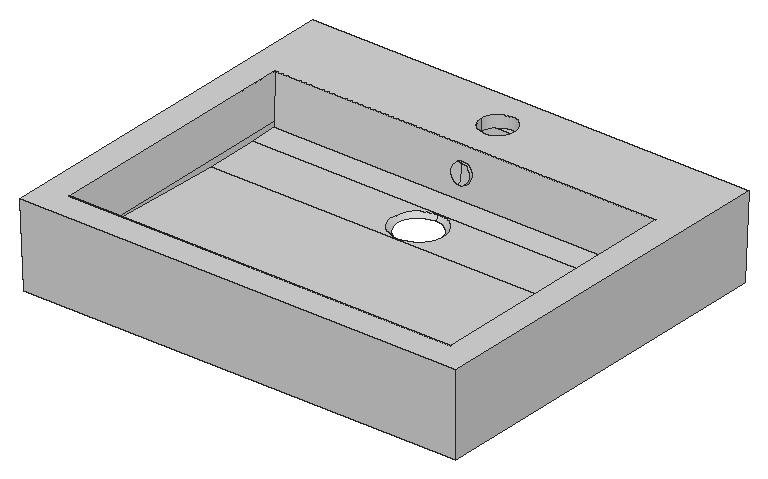
Revit family
Parameters (values of type "0621.001")
  Waste Connection = yes
  WFU = 0
  Vent Connection = no
  URL = "http://www.americanstandard-us.com"
  Type Comments = ""
  Revised Date = "07/12/2011"
  Product URL = "http://www.americanstandard.ca/productSearchSKU.aspx"
  Phone # = "416-250-5656"
  Model = "0621.001"
  Material = Vitreous China
  Manufacturer = "American Standard"
  HWFU = 0
  HW Connection = yes
  Designed By = "ATS BIM Team"
  Description = "'STUDIO' Basin,center hole only, 23-1/8\" (565mm) x 18-1/2\" (470mm) x 4-1/8\" (105mm) high, contemporary rectangular sink vessel, above-counter mounted, vitreous china, rear overflow. (Provide sealant under unit)."
  Default Elevation = 2' - 10"
  Cost = 0
  CWFU = 0
  CW Connection = yes
  Assembly Code = "D2010440"
Reference planes (in)
  plane 1: y = 0
  plane 2: z = 0
  plane 3: x = 0
  plane 4: x = 11
Forms (in)
  Sweep 1, solid, material "Vitreous China" <- "Material"
    path origin (3.30333, 0, -11.81871) x (1, 0, 0) y (0, 1, 0)
      loop
        line (-3.291, -16.22166) -> (7.59483, -16.22166) -> (7.59483, 1.987) -> (-14.17683, 1.987) -> (-14.17683, -16.22166) -> (-3.291, -16.22166)
    profile origin (10.89815, -7.11733, -11.81871) x (1, 0, 0) y (0, 0, 1)
      loop
        line (0, 7.68314) -> (0.10185, 11.81871) -> (-1.26821, 11.81871) -> (-1.45505, 9.68314) -> (-1.45505, 7.68314) -> (0, 7.68314)
  Extrusion 2, solid, material "Vitreous China" <- "Material"
    sketch origin (11, 2.08885, 36.18129) x (0, 1, 0) y (0, 0, 1)
      loop
        line (-0.10185, -40.31686) -> (0, -36.18129) -> (-4.08885, -36.18129) -> (-4.40176, -38.53835) -> (-5.73271, -38.58483) -> (-8.33363, -38.58483) -> (-16.67783, -38.29344) -> (-17.0321, -36.18129) -> (-16.82759, -38.65382) -> (-9.4846, -38.79117) -> (-3.9846, -38.79117) -> (-3.71804, -36.78322) -> (-1.03778, -36.74673) -> (-0.73177, -40.31686) -> (-0.10185, -40.31686)
    from -20.60529 to -1.37006
  Revolve 3, solid, material "Vitreous China" <- "Material"
    sketch origin (0, 2.08885, 36.18129) x (0, 1, 0) y (0, 0, 1)
      loop
        line (-3.78117, -37.25881) -> (-4.26048, -37.19518) -> (-4.21786, -36.87413) -> (-4.3431, -36.86096) -> (-4.394, -37.34517) -> (-3.80305, -37.42362) -> (-3.78117, -37.25881)
      axis (-4.40715, -37.34343) -> (-3.80305, -37.42362)
    angle from 0 to 360
  Revolve 4, void
    sketch origin (0, 2.08885, 36.18129) x (0, 1, 0) y (0, 0, 1)
      loop
        line (-7.03098, -38.99796) -> (-6.15698, -38.99796) -> (-5.69689, -38.53788) -> (-7.03098, -38.53788) -> (-7.03098, -38.99796)
      axis (-7.03098, -38.53788) -> (-7.03098, -38.99796)
    angle from 0 to 360
  Extrusion 5, void
    sketch origin (0, 0, -11.81871) x (1, 0, 0) y (0, 1, 0)
      loop
        circle (0.01233, 0.04442) r 0.875
    from 11.21678 to 12
Cuts and joins
  Revolve 4, Extrusion 5 cuts Sweep 1
  Revolve 4, Extrusion 5 cuts Extrusion 2
  joined: Sweep 1, Extrusion 2, Revolve 3
